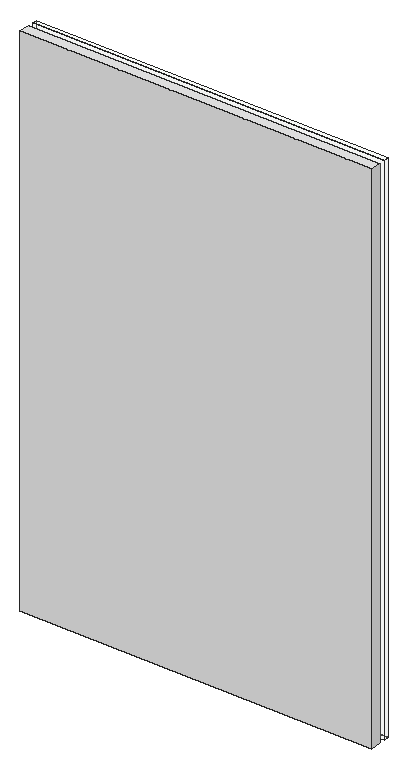
Revit family "Panel_Spandrel_Glazed_Exterior", category Curtain Panels, Revit 2024
Family settings
  Always vertical = Yes
  Cut with Voids When Loaded = No
  Shared = No
Parameters (values of type "Default Window Wall")
  Wall CL - OSF Glass Offset = 50 mm
  Wall CL - OSF Panel Offset = 0 mm
  Glass Thickness = 25 mm
  Glass Panel = _Default - Glass - Exterior Transparent
  EA_Repath [instance] = 0 mm
  Define Thermal Properties by = Schematic Type
  Back Panel Thickness = 50 mm
  Back Panel = _Default - Panel - Back
  Analytic Construction = "<None>"
Types (3, lengths in mm): name | Wall CL - OSF Glass Offset | Wall CL - OSF Panel Offset
  Default Curtain Wall | 25 | 20
  Default Store Front | 50 | 0
  Default Window Wall | 50 | 0
Reference planes
  plane 1: y = 0
  plane 2: z = 0
  plane 3 "Center": x = 6.377
  plane 4 "Left": x = -819.123
  plane 5 "Right": x = 831.877
  plane 6: z = 2438.4
Forms (mm)
  Extrusion 1, solid, material "_Default - Glass - Exterior Transparent" <- "Glass Panel"
    sketch origin (-5.174, -63.5, 0) x (1, 0, 0) y (0, 1, 0)
      loop
        line (-813.949, 88.5) -> (837.051, 88.5) -> (837.051, 113.5) -> (-813.949, 113.5) -> (-813.949, 88.5)
    from 0 to 2438.4
  Extrusion 2, solid, material "_Default - Panel - Back" <- "Back Panel"
    sketch origin (15.522, -279.4, 0) x (1, 0, 0) y (0, 1, 0)
      loop
        line (-834.645, 229.4) -> (816.355, 229.4) -> (816.355, 279.4) -> (-834.645, 279.4) -> (-834.645, 229.4)
    from 0 to 2438.4
Text (mm)
  text "Exterior" at (-199.368, 1138.73, 0), in view "Base Line"
Dimensions and locks
  equal spacing: plane 4 "Left", plane 3 "Center", plane 5 "Right"
  "Back Panel Thickness": Extrusion 2 sketch curve to Extrusion 2 sketch curve
  "Wall CL - OSF Panel Offset": Extrusion 2 sketch curve to plane 1
  "Wall CL - OSF Glass Offset": Extrusion 1 sketch curve to plane 1
  "Glass Thickness": Extrusion 1 sketch curve to Extrusion 1 sketch curve
  aligned and locked: Extrusion 1 to plane 6
  aligned and locked: Extrusion 2 to plane 6
  aligned and locked: plane 4 "Left" to Extrusion 1 sketch curve
  aligned and locked: Extrusion 1 sketch curve to plane 5 "Right"
  aligned and locked: plane 4 "Left" to Extrusion 2 sketch curve
  aligned and locked: Extrusion 2 sketch curve to plane 5 "Right"
